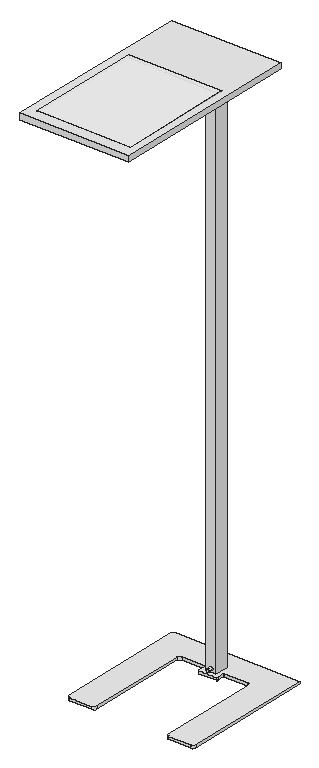
Revit family "0060783 Sylvania Lighting Fixture FREEOFFICE DIRECT INDIRECT 12KLM WHITE UK", category Lighting Fixtures, host Face, Revit 2016
Family settings
  Host = Face
  Part Type = Normal
  Round Connector Dimension = Use Diameter
  OmniClass Number = 23.80.70.11.17
  OmniClass Title = Specialized Lighting by Location or Use
  Cut with Voids When Loaded = No
  Light Source = Yes
  Shared = No
  Room Calculation Point = No
Parameters (values of type "0060783 FREEOFFICE D/I 12 WHITE UK")
  Weight = "22.8 kg"
  Wattage = 93 W
  WarrantyStartDate [instance] = "n/a"
  WarrantyGuarantorParts = "n/a"
  WarrantyDurationUnit = "n/a"
  WarrantyDurationParts = "n/a"
  WarrantyDescription = "n/a"
  built-in parameter 1150110 = 1 (stored number, unit not read)
  Voltage = 230 V
  TypeName = "FREEOFFICE DIRECT/INDIRECT 12KLM WHITE UK"
  built-in parameter 1114217 = 1 (stored number, unit not read)
  Tilt Angle = -90°
  built-in parameter 1150109 = 1 (stored number, unit not read)
  built-in parameter 1150134 = 12
  built-in parameter 1150113 = 1 (stored number, unit not read)
  SerialNumber [instance] = "n/a"
  Radius_FEILO = 165.0 mm
  URL = "http://www.sylvania-lighting.com"
  PowerFactor = 0.96
  PowerConsumption = "93 W"
  Photometric Web File = "0060783.ies"
  PIR_SYL = no
  NominalWidth = 0.0 mm
  NominalLength = 690.0 mm
  NominalHeight = 2030.0 mm
  Name = "FREEOFFICE DIRECT/INDIRECT 12KLM WHITE UK"
  ModelReference = "FREEOFFICE DIRECT/INDIRECT 12KLM WHITE UK"
  ModelNumber = "0060783"
  Material_3_SYL = Body-Sylvania-FreeOffice-BLK
  Material_2_SYL = Polycarbonate_Sylvania_Sylcircle_Opal
  Material_1_SYL = Body-Sylvania-FreeOffice-WH
  Material = "head and pole : powder coated aluminium. stand: powder coated steel housing, pmma diffuser"
  ManufacturerName = "Feilo Sylvania"
  LuminousEfficacy = "131 lm/W"
  built-in parameter 1150105 = 3688.2 (stored number, unit not read)
  Lumens = 12183 lm
  LuminaireType = ""
  built-in parameter 1150115 = 1 (stored number, unit not read)
  LightOutputRatio = "n/a"
  built-in parameter 1150137 = (empty or 0)
  built-in parameter 1150139 = (empty or 0)
  LampsType = Lamp  # "LED"
  LampNominalLuminous = "12150 lm"
  LampMacAdamStep = "3"
  LampColourTemperature = "4000 K"
  LampColourRenderingIndex = "80"
  built-in parameter 1150112 = 1 (stored number, unit not read)
  built-in parameter 1150114 = 1 (stored number, unit not read)
  Keynote = "16500"
  InstallationDate [instance] = "n/a"
  InputVoltage = "220-240V~"
  InputNominalFrequency = "50/60 Hz"
  built-in parameter 1150132 = (empty or 0)
  built-in parameter 1150102 = (empty or 0)
  built-in parameter 1150107 = 4000 (stored number, unit not read)
  built-in parameter 1150138 = (empty or 0)
  IngressProtection = "IP20"
  ImpactProtectionIndex = "IK02"
  built-in parameter 1150106 = 36.882 (stored number, unit not read)
  IfcExportType = "IfcLightFixtureType"
  IfcExportAs = "IfcLightFixtureType"
  Height_FEILO = 96.0 mm
  ExpectedLife = 50000
  Emit from Rectangle Width = 340.1 mm
  Emit from Rectangle Length = 564.6 mm
  Emit Shape Visible in Rendering = no
  ElectricShockClassification = "Class I"
  built-in parameter 1150104 = 12.17 (stored number, unit not read)
  DurationUnit = "hours"
  DocumentationLiterature = "http://www.sylvania-lighting.com/product/en-int/products/0060783"
  DimmingControlOptions = "Dimmable"
  Dimming Lamp Color Temperature Shift = <None>
  Diameter_FEILO = 2 * Radius_FEILO  # 330.0 mm
  CreatedOn = "12/5/2018"
  CreatedBy = "@sylvania-lighting.com"
  Color Filter = 16777215
  built-in parameter 1114216 [instance] = 1 (stored number, unit not read)
  Model = "FREEOFFICE DIRECT/INDIRECT 12KLM WHITE UK"
  Manufacturer = "Feilo Sylvania"
  Lamp = "LED"
  Description = "FREEOFFICE DIRECT/INDIRECT 12KLM WHITE UK is a highly efficient free-standing floor lamp providing optimal illumination for single and twin workstations. 80% uplight and 20% downlight ratio for ambient and task lighting from a single luminaire. Microprismatic PMMA optics for advanced glare control. White RAL9010 powder coated luminaire body. Aluminium head and pole for high-quality appearance, steel stand for higher stability. Luminaire dimensions: Head: 690x397x25mm, Stand: 480x460x16mm, Pole: 55x35x2030mm. Operated and dimmed with a push button located in the pole at a height suitable to be used with adjustable height desks. Up and downlight dims together. 4000K Neutral White LED, CRI>80, chromaticity tolerance: SDCM<3. Luminous flux: 12150lm. Power consumption 93W. Luminaire efficacy: 131lm/W. Lumen maintenance: L80B50=55000h. UGR<16, Luminance at 65°<3000 cd/m2. IK02, IP20. Photobiological safety risk group 0. Electrical protection: Class I. Glow wire test: 650°C. Supplied with 3m cable with BS 1363 plug."
  Default Elevation = 0.0 mm
  built-in parameter 1140040 [instance] = 1
  BarCode [instance] = "n/a"
  built-in parameter 1114218 = 1 (stored number, unit not read)
  built-in parameter 1150133 = 10 (stored number, unit not read)
  AssetType = "Fixed"
  AssetIdentifier [instance] = "n/a"
  Assembly Code = "D5020200"
  Apparent Load = 93 VA
Reference planes
  plane 1 "Center (Front/Back)": y = 0
  plane 2: z = 0
  plane 3 "Center (Left/Right)": x = 0
  plane 4: z = 2030
  plane 5: x = 230
  plane 6: x = -230
  plane 7: x = 18
  plane 8: x = -18
  plane 9: x = -198.5
  plane 10: x = 198.5
  plane 11: y = 25
  plane 12: y = -25
  plane 13: y = -390.174
  plane 14: y = 89.826
  plane 15: y = -645
  plane 16: y = 44
  plane 17: z = 9
  plane 18: z = 2010
  plane 19: y = -187.327
  plane 20: y = -603.8
  plane 21: x = -170.03
  plane 22: x = 170.03
  plane 23: y = -39.174
  plane 24: z = 2020
  plane 25: x = 130
  plane 26: x = -130
  plane 27: y = -10.174
  plane 28: x = 34
  plane 29: x = -34
  plane 30: y = -39.174
  plane 31: y = -321.487
  plane 32: z = 21
  plane 33: y = -624.4
  plane 34: z = 2009
Forms (mm)
  Extrusion 1, solid, material "Body-Sylvania-FreeOffice-WH" <- "Material_1_SYL"
    sketch origin (-1380.213, -4572, 2010) x (-1, 0, 0) y (0, -1, 0)
      loop
        line (-1181.713, -3927) -> (-1578.713, -3927) -> (-1578.713, -4616) -> (-1181.713, -4616) -> (-1181.713, -3927)
    from 0 to 20
  Extrusion 2, void
    sketch origin (-1380.213, -4572, 2030) x (0, -1, 0) y (-1, 0, 0)
      loop
        line (-4384.673, -1210.183) -> (-4384.673, -1550.243) -> (-3968.2, -1550.243) -> (-3968.2, -1210.183) -> (-4384.673, -1210.183)
    from 0 to 20
  Extrusion 3, void
    sketch origin (-1380.213, -4572, 2010) x (0, -1, 0) y (-1, 0, 0)
      loop
        line (-3968.2, -1210.183) -> (-4532.826, -1210.183) -> (-4532.826, -1550.243) -> (-3968.2, -1550.243) -> (-3968.2, -1210.183)
    from 0 to -10
  Extrusion 4, solid, material "Body-Sylvania-FreeOffice-WH" <- "Material_1_SYL"
    sketch origin (0, 0, 0) x (1, 0, 0) y (0, 1, 0)
      loop
        line (-230, 79.826) -> (-230, -380.174)
        arc (-230, -380.174) -> (-227.071, -387.245) -> (-220, -390.174) r 10
        line (-220, -390.174) -> (-140, -390.174)
        arc (-140, -390.174) -> (-132.929, -387.245) -> (-130, -380.174) r 10
        line (-130, -380.174) -> (-130, -20.174)
        arc (-130, -20.174) -> (-127.071, -13.103) -> (-120, -10.174) r 10
        line (-120, -10.174) -> (-36, -10.174)
        arc (-36, -10.174) -> (-34.586, -10.76) -> (-34, -12.174) r 2
        line (-34, -12.174) -> (-34, -37.174)
        arc (-34, -37.174) -> (-33.414, -38.588) -> (-32, -39.174) r 2
        line (-32, -39.174) -> (32, -39.174)
        arc (32, -39.174) -> (33.414, -38.588) -> (34, -37.174) r 2
        line (34, -37.174) -> (34, -12.174)
        arc (34, -12.174) -> (34.586, -10.76) -> (36, -10.174) r 2
        line (36, -10.174) -> (120, -10.174)
        arc (120, -10.174) -> (127.071, -13.103) -> (130, -20.174) r 10
        line (130, -20.174) -> (130, -380.174)
        arc (130, -380.174) -> (132.929, -387.245) -> (140, -390.174) r 10
        line (140, -390.174) -> (220, -390.174)
        arc (220, -390.174) -> (227.071, -387.245) -> (230, -380.174) r 10
        line (230, -380.174) -> (230, 89.826) -> (-220, 89.826)
        arc (-220, 89.826) -> (-227.071, 86.897) -> (-230, 79.826) r 10
    from 0 to 9
  Extrusion 5, solid, material "Body-Sylvania-FreeOffice-WH" <- "Material_1_SYL"
    sketch origin (645.563, -4597, 9) x (0, -1, 0) y (-1, 0, 0)
      loop
        line (-4622, 663.563) -> (-4622, 627.563) -> (-4572, 627.563) -> (-4572, 663.563) -> (-4622, 663.563)
    from 0 to -2001
  Extrusion 6, solid, material "Body-Sylvania-FreeOffice-WH" <- "Material_1_SYL"
    sketch origin (747.1, -25, 1219.2) x (1, 0, 0) y (0, 0, 1)
      loop
        circle (-747.1, -1198.2) r 5
    from 0 to 14.174
  Extrusion 7, solid, material "Polycarbonate_Sylvania_Sylcircle_Opal" <- "Material_2_SYL"
    sketch origin (-1380.213, -4572, 2030) x (-1, 0, 0) y (0, -1, 0)
      loop
        line (-1550.243, -3968.2) -> (-1550.243, -4384.673) -> (-1210.183, -4384.673) -> (-1210.183, -3968.2) -> (-1550.243, -3968.2)
    from 0 to -10
  Extrusion 8, solid, material "Polycarbonate_Sylvania_Sylcircle_Opal" <- "Material_2_SYL"
    sketch origin (-1380.213, -4572, 2010) x (-1, 0, 0) y (0, -1, 0)
      loop
        line (-1210.183, -4532.826) -> (-1210.183, -3968.2) -> (-1550.243, -3968.2) -> (-1550.243, -4532.826) -> (-1210.183, -4532.826)
    from 0 to 10
  Revolve 9, solid, material "Body-Sylvania-FreeOffice-BLK" <- "Material_3_SYL", visible <- "PIR_SYL"
    sketch origin (747.1, -624.4, 1219.2) x (1, 0, 0) y (0, 0, 1)
      loop
        line (-757.1, 789.8) -> (-754.426, 789.8)
        arc (-754.426, 789.8) -> (-751.007, 787.781) -> (-747.1, 787.079) r 11.221
        line (-747.1, 787.079) -> (-747.1, 790.8) -> (-757.1, 790.8) -> (-757.1, 789.8)
      axis (-747.1, 790.8) -> (-747.1, 787.079)
    angle from 0 to 360
Cuts and joins
  Extrusion 2, Extrusion 3 cuts Extrusion 1
Lines and regions (mm)
  reference lines
    curve 1: circle (0, 0, 21) r 5 normal (0, -1, 0)
    curve 2: circle (0, -624.4, 2010) r 10 normal (0, 0, 1)
Dimensions and locks
  equal spacing: plane 12, plane 1 "Center (Front/Back)", plane 11
  locked: plane 12 to plane 11 at 50
  equal spacing: plane 8, plane 3 "Center (Left/Right)", plane 7
  plane 8 to plane 7 = 36.0 mm
  equal spacing: plane 9, plane 3 "Center (Left/Right)", plane 10
  plane 9 to plane 10 = 397.0 mm
  equal spacing: plane 6, plane 3 "Center (Left/Right)", plane 5
  locked: plane 6 to plane 5 at 460
  locked: plane 4 to plane 2 at 2030
  locked: plane 13 to plane 1 "Center (Front/Back)" at 390.174
  locked: plane 13 to plane 14 at 480
  locked: plane 15 to plane 1 "Center (Front/Back)" at 645
  locked: plane 15 to plane 16 at 689
  locked: plane 17 to plane 2 at 9
  locked: plane 4 to plane 18 at 20
  locked: plane 19 to plane 1 "Center (Front/Back)" at 187.327
  locked: plane 20 to plane 19 at 416.473
  equal spacing: plane 21, plane 3 "Center (Left/Right)", plane 22
  plane 21 to plane 22 = 340.059 mm
  locked: plane 20 to plane 23 at 564.626
  equal spacing: plane 4, plane 24, plane 18
  equal spacing: plane 26, plane 3 "Center (Left/Right)", plane 25
  locked: plane 26 to plane 25 at 260
  locked: plane 27 to plane 14 at 100
  equal spacing: plane 29, plane 3 "Center (Left/Right)", plane 28
  locked: plane 29 to plane 28 at 68
  locked: plane 30 to plane 27 at 29
  equal spacing: plane 20, plane 31, plane 23
  locked: plane 32 to host face at 21
  equal spacing: plane 15, plane 33, plane 20
  locked: Revolve 9 sketch curve to plane 18 at 7.5
  locked: plane 18 to plane 34 at 1
  radius of curve 2 = 10.0 mm
  aligned and locked: plane 2 to host face
  aligned and locked: level to host face
  aligned and locked: plane 15 to Extrusion 1 sketch curve
  aligned and locked: Extrusion 1 sketch curve to plane 9
  aligned and locked: Extrusion 1 sketch curve to plane 16
  aligned and locked: plane 10 to Extrusion 1 sketch curve
  aligned and locked: plane 4 to Extrusion 1
  aligned and locked: Extrusion 1 to plane 18
  aligned and locked: Extrusion 2 sketch curve to plane 19
  aligned and locked: plane 20 to Extrusion 2 sketch curve
  aligned and locked: Extrusion 2 to plane 18
  aligned and locked: plane 4 to Extrusion 2
  aligned and locked: plane 21 to Extrusion 2 sketch curve
  aligned and locked: plane 22 to Extrusion 2 sketch curve
  aligned and locked: Extrusion 3 sketch curve to cut or joined group of Extrusion 1, Extrusion 2, Extrusion 3  (x2)
  aligned and locked: plane 23 to Extrusion 3 sketch curve
  aligned and locked: plane 22 to Extrusion 3 sketch curve
  aligned and locked: Extrusion 3 to plane 18
  aligned and locked: plane 24 to Extrusion 3
  aligned and locked: Extrusion 4 sketch curve to plane 14
  aligned and locked: Extrusion 4 sketch curve to plane 6
  aligned and locked: plane 13 to Extrusion 4 sketch curve  (x2)
  aligned and locked: Extrusion 4 sketch curve to plane 26
  aligned and locked: Extrusion 4 sketch curve to plane 25
  aligned and locked: plane 5 to Extrusion 4 sketch curve
  aligned and locked: plane 29 to Extrusion 4 sketch curve
  aligned and locked: plane 30 to Extrusion 4 sketch curve
  aligned and locked: Extrusion 4 sketch curve to plane 28
  aligned and locked: Extrusion 4 sketch curve to plane 27
  aligned and locked: Extrusion 4 to plane 17
  aligned and locked: Extrusion 4 to level
  aligned and locked: Extrusion 5 sketch curve to plane 8
  aligned and locked: plane 7 to Extrusion 5 sketch curve
  aligned and locked: plane 18 to Extrusion 5
  aligned and locked: plane 11 to Extrusion 5 sketch curve
  aligned and locked: Extrusion 5 sketch curve to plane 12
  aligned and locked: plane 24 to imposter light
  aligned and locked: imposter light to plane 3 "Center (Left/Right)"
  aligned and locked: imposter light to plane 31
  aligned and locked: Extrusion 6 sketch curve to curve 1
  aligned and locked: Extrusion 6 to plane 12
  aligned and locked: Extrusion 6 to cut or joined group of Extrusion 1, Extrusion 2, Extrusion 3
  aligned and locked: Extrusion 7 sketch curve to cut or joined group of Extrusion 1, Extrusion 2, Extrusion 3  (x4)
  aligned and locked: Extrusion 7 to plane 4
  aligned and locked: Extrusion 7 to cut or joined group of Extrusion 1, Extrusion 2, Extrusion 3
  aligned and locked: Extrusion 8 sketch curve to cut or joined group of Extrusion 1, Extrusion 2, Extrusion 3  (x4)
  aligned and locked: Extrusion 8 to cut or joined group of Extrusion 1, Extrusion 2, Extrusion 3
  aligned and locked: Extrusion 8 to plane 18
  aligned and locked: plane 3 "Center (Left/Right)" to curve 2
  aligned and locked: plane 33 to curve 2
  aligned and locked: plane 3 "Center (Left/Right)" to Revolve 9 sketch curve  (x2)
  aligned and locked: Revolve 9 sketch curve to plane 3 "Center (Left/Right)"
  aligned and locked: Revolve 9 sketch curve to plane 34
Automatic sketch dimensions
  host sketch curve to host sketch curve = 1305.563 mm
  host sketch curve to host sketch curve = 1283.632 mm
  plane 27 to Extrusion 4 sketch curve = 0.0 mm
  plane 6 to Extrusion 4 sketch curve = 10.0 mm  (x2)
  Extrusion 4 sketch curve to plane 13 = 10.0 mm
  Extrusion 4 sketch curve to plane 26 = 10.0 mm
  Extrusion 4 sketch curve to Extrusion 4 sketch curve = 2.0 mm
  plane 29 to Extrusion 4 sketch curve = 2.0 mm
  Extrusion 4 sketch curve to plane 28 = 2.0 mm
  plane 28 to Extrusion 4 sketch curve = 2.0 mm
  Extrusion 4 sketch curve to plane 25 = 10.0 mm
  Extrusion 4 sketch curve to Extrusion 4 sketch curve = 10.0 mm
  Extrusion 4 sketch curve to plane 5 = 10.0 mm
  curve 1 to plane 3 "Center (Left/Right)" = 0.0 mm
  curve 1 to plane 32 = 0.0 mm
  Revolve 9 sketch curve to plane 18 = 0.0 mm
  Revolve 9 sketch curve to plane 3 "Center (Left/Right)" = 7.326 mm
  Revolve 9 sketch curve to Revolve 9 sketch curve = 2.674 mm
  Revolve 9 sketch curve to level = 94.652 mm
  plane 4 to Revolve 9 sketch curve = 432.257 mm
  radius of curve 1 = 5.0 mm
Connectors
  electrical at (0, -39.174, 21), driven by "PowerFactor", driven by "Voltage", driven by "Apparent Load", driven by "Apparent Load"
    settings: on Extrusion 6, index 1, voltage 230 V, apparent load 93 VA, apparent load phase1 93 VA, apparent load phase2 0 VA, apparent load phase3 0 VA, power factor 0.96, load classification "Other", number of poles 1, system type 30, power factor state 1, is connector primary yes, connector utility no, sub classification motor no, connector description ""
